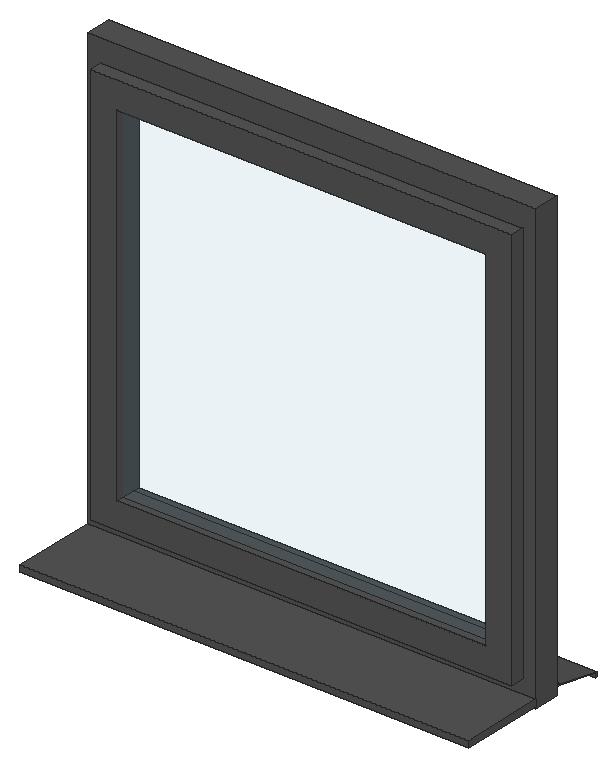
Revit family "Single Window", category Windows, host Wall, Revit 2022
Family settings
  Host = Wall
  Always vertical = Yes
  Cut with Voids When Loaded = No
  Shared = No
  Room Calculation Point = No
Parameters (values of type "Standard")
  Operation = "SinglePanel"
  Rough Width [instance] = Width  # 1010 mm
  Rough Height [instance] = Height  # 1010 mm
  Frame Depth = 60 mm
  Frame Depth under = 80 mm
  Frame Depth over = 80 mm
  Frame Width = 60 mm
  Frame [instance] = Aluminum_Black
  Glass [instance] = Glass
  Description = "Single Window Unit - Triple Glazed"
  Define Thermal Properties by = Building Type
  Casement [instance] = Aluminum_Black
  Window Cill Interior [instance] = Aluminum_Black
  Window Cill Exterior [instance] = Aluminum_Black
  Bottom Hung Casement [instance] = no
  Top Hung Casement [instance] = yes
  Height [instance] = 1010 mm
  Casement Depth = 60 mm
  Casement Width = 60 mm
  Install Depth (from outside) [instance] = 80 mm
  Casement Swing in Plan [instance] = no
  Casement Pivot [instance] = no
  Wall Closure = By host
  Width [instance] = 1010 mm
  Keynote = ""
  Assembly Code = ""
  Analytic Construction = "<None>"
Reference planes
  plane 1 "Rahmen Grundriss Innen": y = 10
  plane 2 "Center (Left/Right)": x = 0
  plane 3 "Left": x = -505
  plane 4 "Right": x = 505
  plane 5 "Sill": z = 1000
  plane 6 "Head": z = 2010
  plane 7 "Exterior": y = 150
  plane 8 "Interior": y = -150
  plane 9 "Rahmenbreite Grundriss": y = 70
  plane 10 "Rahmen oben Innen": z = 1930
  plane 11 "Rahmen unten Innen": z = 1080
  plane 12 "Rahmen rechts Innen": x = 445
  plane 13 "Rahmen links Innen": x = -445
  plane 14 "Glasachse 2D Medium": y = 40
  plane 15: y = 55
  plane 16: y = 25
  plane 17 "Flügel oben aussen": z = 1960
  plane 18 "Flügel oben innen": z = 1900
  plane 19 "Flügel unten aussen": z = 1050
  plane 20 "Flügel unten innen": z = 1110
  plane 21 "Flügel rechts aussen": x = 475
  plane 22 "Flügel rechts innen": x = 415
  plane 23 "Flügel links aussen": x = -475
  plane 24 "Flügel links innen": x = -415
  plane 25 "Flügel Grundriss Innen": y = 40
  plane 26 "Flügel Grundriss Aussen": y = -20
  plane 27 "Glas 3d Fine innen": y = 25
  plane 28 "Glas 3d Fine aussen": y = -5
  plane 29 "Glas2d_fine": y = 10
  plane 30: z = 1020
  plane 31: z = 1505
Forms (mm)
  Extrusion 1, solid, material "Aluminum_Black" <- "Frame"
    sketch origin (0, -150, 0) x (1, 0, 0) y (0, 0, 1)
      loop
        line (-505, 2010) -> (-505, 1000) -> (505, 1000) -> (505, 2010) -> (-505, 2010)
      loop
        line (-445, 1930) -> (-445, 1080) -> (445, 1080) -> (445, 1930) -> (-445, 1930)
    from -220 to -160
  Sweep 2, solid, material "Aluminum_Black" <- "Casement"
    path origin (0, -150, 0) x (1, 0, 0) y (0, 0, 1)
      loop
        line (-475, 1960) -> (-475, 1050) -> (475, 1050) -> (475, 1960) -> (-475, 1960)
    profile origin (0, 0, 0) x (0, 0, 1) y (0, -1, 0)
      loop
        line (1960, -10) -> (1960, 20) -> (1900, 20) -> (1900, -40) -> (1930, -40) -> (1930, -10) -> (1960, -10)
  Extrusion 3, solid, material "Glass" <- "Glass"
    sketch origin (0, -40, 0) x (1, 0, 0) y (0, 0, 1)
      loop
        line (-415, 1900) -> (-415, 1110) -> (415, 1110) -> (415, 1900) -> (-415, 1900)
    from -65 to -35
  Extrusion 4, solid, material "Aluminum_Black" <- "Window Cill Exterior", detail levels medium+fine
    sketch origin (-505, -212.428, -229.695) x (0, 1, 0) y (0, 0, -1)
      loop
        line (282.428, -1249.695) -> (292.451, -1249.695) -> (392.428, -1229.695) -> (392.428, -1219.695) -> (390.428, -1219.695) -> (390.428, -1228.055) -> (292.253, -1247.695) -> (282.428, -1247.695) -> (282.428, -1249.695)
    from -1010 to 0
  Extrusion 5, solid, material "Aluminum_Black" <- "Window Cill Interior"
    sketch origin (-505, 81.728, -5.026) x (0, -1, 0) y (0, 0, 1)
      loop
        line (71.728, 1025.026) -> (71.728, 1010.026) -> (261.728, 1010.026) -> (261.728, 1025.026) -> (71.728, 1025.026)
    from -1010 to 0
Lines and regions (mm)
  Opening 1
    outline origin (3500, -150, 0) x (1, 0, 0) y (0, 0, 1)
      loop
        line (-2995, 1000) -> (-2995, 2010) -> (-4005, 2010) -> (-4005, 1000) -> (-2995, 1000)
  symbolic lines, style "WindowsGlassProjection", detail levels coarse
    curve 1: line (-505, 0, 0) -> (505, 0, 0)
    curve 3: line (-304.632, 0, 1000) -> (-304.632, 0, 2010)
  symbolic lines, style "WindowsGlassProjection", detail levels medium
    curve 2: line (-304.632, 40, 1930) -> (-304.632, 40, 1080)
    curve 6: line (-445, 40, 0) -> (445, 40, 0)
  symbolic lines, style "WindowsGlassProjection", detail levels fine
    curve 4: line (-415, 10, 0) -> (415, 10, 0)
    curve 5: line (0, 10, 1900) -> (0, 10, 1110)
  symbolic lines, style "Symbol (Elevation)", visible <- "Top Hung Casement", detail levels medium+fine
    curve 7: line (0, 0, 1900) -> (-415, 0, 1110)
    curve 8: line (415, 0, 1110) -> (0, 0, 1900)
  symbolic lines, style "Symbol (Plan)", visible <- "Casement Swing in Plan", detail levels fine
    curve 9: arc (-475, -970, 0) -> (196.751, -691.751, 0) -> (475, -20, 0) r 950
    curve 10: line (-475, -20, 0) -> (-475, -970, 0)
  symbolic lines, style "Symbol (Plan)", visible <- "Casement Swing in Plan", detail levels medium
    curve 11: arc (-505, -1160, 0) -> (209.178, -864.178, 0) -> (505, -150, 0) r 1010
    curve 12: line (-505, -150, 0) -> (-505, -1160, 0)
  symbolic lines, style "Symbol (Elevation)", visible <- "Bottom Hung Casement", detail levels medium+fine
    curve 13: line (415, 0, 1900) -> (0, 0, 1110)
    curve 14: line (-415, 0, 1900) -> (0, 0, 1110)
  symbolic lines, style "Symbol (Elevation)", visible <- "Casement Pivot", detail levels medium+fine
    curve 15: line (-415, 0, 1900) -> (405.953, 0, 1510.341)
    curve 16: line (405.953, 0, 1510.341) -> (-415, 0, 1110)
Text (mm)
  text "AUSSEN" at (-1963.203, 1332.353, 0), in view "100"
  text "INNEN" at (-1981.466, -818.386, 0), in view "100"
  text "Exterior" at (0, 923.751, 2943.296), in view "Right"
  text "Exterior" at (0, 1040.484, 2685.409), in view "Left"
Dimensions and locks
  equal spacing: plane 3 "Left", plane 2 "Center (Left/Right)", plane 4 "Right"
  "Width": plane 3 "Left" to plane 4 "Right"
  "Height": plane 5 "Sill" to plane 6 "Head"
  plane 5 "Sill" to level = 1000 mm
  locked: plane 7 "Exterior" to host wall
  locked: plane 8 "Interior" to host wall
  "Frame Depth": plane 1 "Rahmen Grundriss Innen" to plane 9 "Rahmenbreite Grundriss"
  "Frame Width": plane 3 "Left" to plane 13 "Rahmen links Innen"
  "Frame Width": plane 12 "Rahmen rechts Innen" to plane 4 "Right"
  "Frame Depth over": plane 6 "Head" to plane 10 "Rahmen oben Innen"
  "Frame Depth under": plane 11 "Rahmen unten Innen" to plane 5 "Sill"
  equal spacing: plane 1 "Rahmen Grundriss Innen", plane 14 "Glasachse 2D Medium", plane 9 "Rahmenbreite Grundriss"
  plane 16 to plane 14 "Glasachse 2D Medium" to plane 15 = 15 mm, 15 mm
  plane 10 "Rahmen oben Innen" to plane 17 "Flügel oben aussen" = 30 mm
  "Casement Width": plane 18 "Flügel oben innen" to plane 17 "Flügel oben aussen"
  plane 19 "Flügel unten aussen" to plane 11 "Rahmen unten Innen" = 30 mm
  "Casement Width": plane 19 "Flügel unten aussen" to plane 20 "Flügel unten innen"
  plane 21 "Flügel rechts aussen" to plane 12 "Rahmen rechts Innen" = 30 mm
  "Casement Width": plane 21 "Flügel rechts aussen" to plane 22 "Flügel rechts innen"
  "Casement Width": plane 24 "Flügel links innen" to plane 23 "Flügel links aussen"
  "Install Depth (from outside)": plane 9 "Rahmenbreite Grundriss" to plane 7 "Exterior"
  plane 1 "Rahmen Grundriss Innen" to plane 25 "Flügel Grundriss Innen" = 30 mm
  "Casement Depth": plane 26 "Flügel Grundriss Aussen" to plane 25 "Flügel Grundriss Innen"
  plane 13 "Rahmen links Innen" to plane 23 "Flügel links aussen" = 30 mm
  equal spacing: plane 26 "Flügel Grundriss Aussen", plane 29 "Glas2d_fine", plane 25 "Flügel Grundriss Innen"
  equal spacing: plane 28 "Glas 3d Fine aussen", plane 29 "Glas2d_fine", plane 27 "Glas 3d Fine innen"
  plane 28 "Glas 3d Fine aussen" to plane 27 "Glas 3d Fine innen" = 30 mm
  plane 8 "Interior" to Extrusion 5 = 30 mm
  plane 5 "Sill" to plane 30 = 20 mm
  equal spacing: plane 6 "Head", plane 31, plane 5 "Sill"
  aligned and locked: Extrusion 1 sketch curve to plane 5 "Sill"
  aligned and locked: plane 1 "Rahmen Grundriss Innen" to Extrusion 1
  aligned and locked: Extrusion 1 to plane 9 "Rahmenbreite Grundriss"
  aligned and locked: Sweep 2 sketch curve to plane 18 "Flügel oben innen"
  aligned and locked: Sweep 2 sketch curve to plane 26 "Flügel Grundriss Aussen"
  aligned and locked: plane 25 "Flügel Grundriss Innen" to Sweep 2 sketch curve
  aligned and locked: plane 10 "Rahmen oben Innen" to Sweep 2 sketch curve
  aligned and locked: plane 1 "Rahmen Grundriss Innen" to Sweep 2 sketch curve
  aligned and locked: plane 18 "Flügel oben innen" to Extrusion 3 sketch curve
  aligned and locked: Extrusion 3 sketch curve to plane 20 "Flügel unten innen"
  aligned and locked: Extrusion 3 sketch curve to plane 22 "Flügel rechts innen"
  aligned and locked: plane 24 "Flügel links innen" to Extrusion 3 sketch curve
  aligned and locked: Extrusion 3 to plane 27 "Glas 3d Fine innen"
  aligned and locked: plane 28 "Glas 3d Fine aussen" to Extrusion 3
  aligned and locked: plane 29 "Glas2d_fine" to curve 4
  aligned and locked: curve 2 to plane 14 "Glasachse 2D Medium"
  aligned and locked: curve 4 to Sweep 2
  aligned and locked: Sweep 2 to curve 4
  aligned and locked: curve 10 to Sweep 2
  aligned and locked: Sweep 2 to curve 10
  aligned and locked: host wall to curve 12
  aligned and locked: Extrusion 4 to plane 4 "Right"
  aligned and locked: plane 3 "Left" to Extrusion 4
  aligned and locked: Extrusion 5 to plane 4 "Right"
  aligned and locked: plane 3 "Left" to Extrusion 5
  aligned and locked: plane 1 "Rahmen Grundriss Innen" to Extrusion 5 sketch curve
  aligned and locked: plane 30 to Extrusion 5 sketch curve
Automatic sketch dimensions
  curve 1 to host wall = 0 mm
  curve 1 to plane 3 "Left" = 0 mm
  curve 6 to plane 13 "Rahmen links Innen" = 0 mm
  curve 6 to plane 12 "Rahmen rechts Innen" = 0 mm
  curve 9 to plane 21 "Flügel rechts aussen" = 0 mm
  curve 1 to plane 4 "Right" = 0 mm
  curve 11 to host wall = 0 mm
  curve 11 to plane 4 "Right" = 0 mm
  curve 12 to host wall = 0 mm
  curve 9 to plane 26 "Flügel Grundriss Aussen" = 0 mm
  curve 6 to plane 14 "Glasachse 2D Medium" = 0 mm
  curve 3 to host wall = 0 mm
  curve 5 to plane 1 "Rahmen Grundriss Innen" = 0 mm
  curve 3 to plane 5 "Sill" = 0 mm
  curve 2 to plane 11 "Rahmen unten Innen" = 0 mm
  curve 5 to plane 20 "Flügel unten innen" = 0 mm
  curve 5 to plane 18 "Flügel oben innen" = 0 mm
  curve 2 to plane 10 "Rahmen oben Innen" = 0 mm
  curve 3 to plane 6 "Head" = 0 mm
  Opening 1 sketch curve to plane 3 "Left" = 0 mm
  Opening 1 sketch curve to plane 4 "Right" = 0 mm
  Opening 1 sketch curve to plane 5 "Sill" = 0 mm
  Opening 1 sketch curve to plane 6 "Head" = 0 mm
  Extrusion 1 sketch curve to plane 3 "Left" = 0 mm
  Extrusion 1 sketch curve to plane 10 "Rahmen oben Innen" = 0 mm
  Extrusion 1 sketch curve to plane 13 "Rahmen links Innen" = 0 mm
  Extrusion 1 sketch curve to plane 12 "Rahmen rechts Innen" = 0 mm
  Extrusion 1 sketch curve to plane 4 "Right" = 0 mm
  Extrusion 1 sketch curve to plane 11 "Rahmen unten Innen" = 0 mm
  Extrusion 1 sketch curve to plane 6 "Head" = 0 mm
  Sweep 2 sketch curve to plane 19 "Flügel unten aussen" = 0 mm
  Sweep 2 sketch curve to plane 23 "Flügel links aussen" = 0 mm
  Sweep 2 sketch curve to plane 21 "Flügel rechts aussen" = 0 mm
  Sweep 2 sketch curve to plane 17 "Flügel oben aussen" = 0 mm
  Sweep 2 sketch curve to profile plane = 0 mm
  Extrusion 5 sketch curve to plane 5 "Sill" = 5 mm
  host wall to Extrusion 5 sketch curve = 30 mm
  Extrusion 4 sketch curve to plane 9 "Rahmenbreite Grundriss" = 0 mm
  Extrusion 4 sketch curve to plane 30 = 0 mm
  Extrusion 4 sketch curve to plane 5 "Sill" = 0 mm
  plane 30 to Extrusion 4 sketch curve = 2 mm
  Extrusion 4 sketch curve to Extrusion 4 sketch curve = 9.824 mm
  Extrusion 4 sketch curve to Extrusion 4 sketch curve = 0.198 mm
  plane 5 "Sill" to Extrusion 4 sketch curve = 1.64 mm
  host wall to Extrusion 4 sketch curve = 28 mm
  Extrusion 4 sketch curve to Extrusion 4 sketch curve = 2 mm
  Extrusion 4 sketch curve to Extrusion 4 sketch curve = 8.36 mm
  curve 7 to plane 2 "Center (Left/Right)" = 0 mm
  curve 7 to plane 18 "Flügel oben innen" = 0 mm
  curve 15 to plane 18 "Flügel oben innen" = 0 mm
  curve 13 to plane 18 "Flügel oben innen" = 0 mm
  curve 15 to plane 22 "Flügel rechts innen" = 9.047 mm
  curve 15 to plane 31 = 5.341 mm
  curve 7 to plane 20 "Flügel unten innen" = 0 mm
  curve 14 to plane 2 "Center (Left/Right)" = 0 mm
  curve 14 to plane 20 "Flügel unten innen" = 0 mm
  curve 8 to plane 20 "Flügel unten innen" = 0 mm
  curve 14 to plane 24 "Flügel links innen" = 0 mm
  curve 7 to plane 24 "Flügel links innen" = 0 mm
  curve 8 to plane 22 "Flügel rechts innen" = 0 mm
  curve 13 to plane 22 "Flügel rechts innen" = 0 mm
